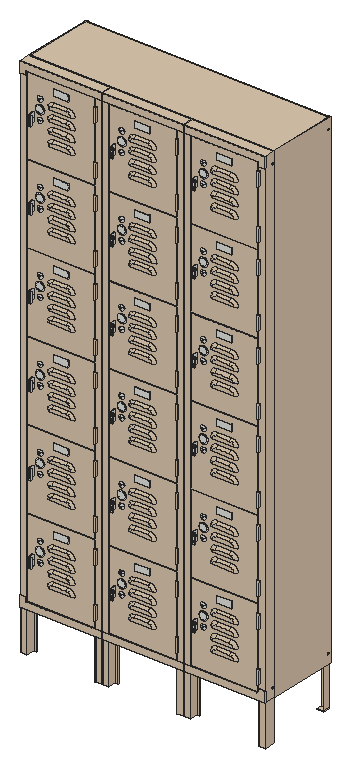
Revit family "Metal_Lockers-Salsbury_Industries-65000_66000_Series-3_Wide_Units", category Specialty Equipment, Revit 2022 (continued)
Definition of nested family "Metal Locker Zee Base - 3 Wide"
  Automatic sketch dimensions
    Extrusion 3 sketch curve to plane 17 "Back Edge of Rear Legs" = 0.060"
    Extrusion 3 sketch curve to plane 19 "Left Edge or Rear Left Leg" = 0.060"
    plane 17 "Back Edge of Rear Legs" to Extrusion 4 sketch curve = 0.000"
    Extrusion 4 sketch curve to plane 19 "Left Edge or Rear Left Leg" = 0.000"
    plane 20 to Extrusion 4 sketch curve = 0.000"
    Extrusion 4 sketch curve to plane 22 "Inside Edge or Left Rear Leg" = 0.000"
    Extrusion 5 sketch curve to plane 9 "Front of Unit" = 0.000"
    Extrusion 5 sketch curve to level = 0.000"
    Extrusion 5 sketch curve to plane 13 "Back Edge of Front Facing" = 0.000"
    plane 5 "Bottom of Unit" to Extrusion 5 sketch curve = 0.000"
    Extrusion 5 sketch curve to plane 13 "Back Edge of Front Facing" = 0.060"
    Extrusion 5 sketch curve to Extrusion 5 sketch curve = 1.588"
    level to Extrusion 5 sketch curve = 0.060"
    plane 5 "Bottom of Unit" to Extrusion 5 sketch curve = 0.060"
Definition of nested family "Metal Locker Zee Base-Right Side"
  Parameters (values of type "77578 Right - 18" D")
    Width including Rivet [instance] = 1.290"
    Visible = yes
    Primary Structure Material = none
    Depth = 16.362"
    Version = "1.0 (11/30/15)"
    Type Comments = "Zee Base Kit for Standard Metal Lockers - No Legs"
    Model = "77578"
    MasterFormat Title = ""
    MasterFormat Number = ""
    Manufacturer = "Salsbury Industries"
    Description = "4\" H x 6' L - for 12\" Deep Lockers (Includes 6 Foot Front Base, 2 End Bases, Corner Splicer and 4 Rear Legs)"
    Width = 4.000"
    Height = 4.000"
    Default Elevation = 0.000"
    Assembly Code = ""
  Types (4): name | Visible | Depth | Type Comments | Model | Description
    77572 Right - 12" D | yes | 10.362" | "Zee Base Kit for Standard Metal Lockers - No Legs" | "77572" | "4\" H x 6' L - for 12\" Deep Lockers (Includes 6 Foot Front Base, 2 End Bases, Corner Splicer and 4 Rear Legs)"
    77575 Right - 15" D | yes | 13.362" | "Zee Base Kit for Standard Metal Lockers - No Legs" | "77575" | "4\" H x 6' L - for 12\" Deep Lockers (Includes 6 Foot Front Base, 2 End Bases, Corner Splicer and 4 Rear Legs)"
    77578 Right - 18" D | yes | 16.362" | "Zee Base Kit for Standard Metal Lockers - No Legs" | "77578" | "4\" H x 6' L - for 12\" Deep Lockers (Includes 6 Foot Front Base, 2 End Bases, Corner Splicer and 4 Rear Legs)"
    None | no | 10.362" | "End Base for Standard Metal Lockers" | "" | ""
  Reference planes (in)
    plane 1 "Center (Front/Back)": y = 0
    plane 2: z = 0
    plane 3 "Center (Left/Right)": x = 3.99
    plane 4 "Floor": z = 0
    plane 5 "Top of Enclosure": z = 4
    plane 6 "Left Edge of Insert": x = 4.77
    plane 7 "Right Side of Unit": x = 5.99
    plane 8 "Left Edge of Enclosure": y = -8.181
    plane 9 "Right Edge of Enclosure": y = 8.181
    plane 10 "Bottom Edge of Enclosure": z = 0.06
    plane 11 "Left Edge of Base": x = 1.99
  Forms (in)
    Extrusion 1, solid, material <- "Primary Structure Material", visible <- "Visible"
      sketch origin (5.99, 0, 0) x (0, 0, -1) y (0, -1, 0)
        loop
          line (-4, 6.93967) -> (-4, -6.931) -> (-3.94, -6.931) -> (-3.94, 6.93967) -> (-4, 6.93967)
      from 0.06 to 1.22
    Extrusion 2, solid, material <- "Primary Structure Material", visible <- "Visible"
      sketch origin (0, 0, 0) x (0, -1, 0) y (1, 0, 0)
        loop
          line (-8.181, 1.99) -> (-8.121, 1.99) -> (-8.121, 5.93) -> (8.121, 5.93) -> (8.121, 1.99) -> (8.181, 1.99) -> (8.181, 5.99) -> (-8.181, 5.99) -> (-8.181, 1.99)
      from 0.06 to 4
  Dimensions and locks (in)
    "Height": plane 5 "Top of Enclosure" to plane 4 "Floor"
    equal spacing: plane 8 "Left Edge of Enclosure", plane 1 "Center (Front/Back)", plane 9 "Right Edge of Enclosure"
    "Depth": plane 8 "Left Edge of Enclosure" to plane 9 "Right Edge of Enclosure"
    "Width": plane 11 "Left Edge of Base" to plane 7 "Right Side of Unit"
    equal spacing: plane 11 "Left Edge of Base", plane 3 "Center (Left/Right)", plane 7 "Right Side of Unit"
    locked: plane 4 "Floor" to plane 10 "Bottom Edge of Enclosure" at 0.06
    aligned and locked: level to plane 2
    aligned and locked: plane 6 "Left Edge of Insert" to Extrusion 1
    aligned and locked: Extrusion 2 to plane 9 "Right Edge of Enclosure"
    aligned and locked: Extrusion 2 to plane 10 "Bottom Edge of Enclosure"
    aligned and locked: plane 11 "Left Edge of Base" to Extrusion 2
  Automatic sketch dimensions
    plane 5 "Top of Enclosure" to Extrusion 1 sketch curve = 0.000"
    Extrusion 1 sketch curve to Extrusion 1 sketch curve = 0.060"
    plane 9 "Right Edge of Enclosure" to Extrusion 1 sketch curve = 1.250"
    Extrusion 1 sketch curve to plane 8 "Left Edge of Enclosure" = 1.24133"
    Extrusion 2 sketch curve to plane 7 "Right Side of Unit" = 0.000"
    plane 9 "Right Edge of Enclosure" to Extrusion 2 sketch curve = 0.000"
    plane 6 "Left Edge of Insert" to Extrusion 2 sketch curve = 2.780"  (x2)
    Extrusion 2 sketch curve to Extrusion 2 sketch curve = 0.060"
    plane 7 "Right Side of Unit" to Extrusion 2 sketch curve = 0.060"
    Extrusion 2 sketch curve to plane 8 "Left Edge of Enclosure" = 0.060"
    Extrusion 2 sketch curve to plane 8 "Left Edge of Enclosure" = 0.000"
Definition of nested family "Metal Locker Zee Base-Left Side"
  Parameters (values of type "77572 Left - 12" D")
    Width including Rivet [instance] = 1.290"
    Visible = yes
    Primary Structure Material = none
    Depth = 10.362"
    Version = "1.0 (11/30/15)"
    Type Comments = "Zee Base Kit for Standard Metal Lockers - No Legs"
    Model = "77572"
    MasterFormat Title = ""
    MasterFormat Number = ""
    Manufacturer = "Salsbury Industries"
    Description = "4\" H x 6' L - for 12\" Deep Lockers (Includes 6 Foot Front Base, 2 End Bases, Corner Splicer and 4 Rear Legs)"
    Width = 4.000"
    Height = 4.000"
    Default Elevation = 0.000"
    Assembly Code = ""
  Types (4): name | Visible | Depth | Type Comments | Model | Description
    77572 Left - 12" D | yes | 10.362" | "Zee Base Kit for Standard Metal Lockers - No Legs" | "77572" | "4\" H x 6' L - for 12\" Deep Lockers (Includes 6 Foot Front Base, 2 End Bases, Corner Splicer and 4 Rear Legs)"
    77575 Left - 15" D | yes | 13.362" | "Zee Base Kit for Standard Metal Lockers - No Legs" | "77575" | "4\" H x 6' L - for 12\" Deep Lockers (Includes 6 Foot Front Base, 2 End Bases, Corner Splicer and 4 Rear Legs)"
    77578 Left- 18" D | yes | 16.362" | "Zee Base Kit for Standard Metal Lockers - No Legs" | "77578" | "4\" H x 6' L - for 12\" Deep Lockers (Includes 6 Foot Front Base, 2 End Bases, Corner Splicer and 4 Rear Legs)"
    None | no | 10.362" | "End Base for Standard Metal Lockers" | "" | ""
  Reference planes (in)
    plane 1 "Center (Front/Back)": y = 0
    plane 2: z = 0
    plane 3 "Center (Left/Right)": x = 3.99
    plane 4 "Floor": z = 0
    plane 5 "Top of Enclosure": z = 4
    plane 6 "Right Side of Unit": x = 5.99
    plane 7 "Left Edge of Enclosure": y = -5.181
    plane 8 "Right Edge of Enclosure": y = 5.181
    plane 9 "Bottom Edge of Enclosure": z = 0.06
    plane 10 "Left Edge of Base": x = 1.99
    plane 11 "Right Edge of Inser": x = 3.21
  Forms (in)
    Extrusion 1, solid, material <- "Primary Structure Material", visible <- "Visible"
      sketch origin (7.98, 0, 0) x (0, -1, 0) y (1, 0, 0)
        loop
          line (-5.181, -1.99) -> (-5.181, -5.99) -> (5.181, -5.99) -> (5.181, -1.99) -> (5.121, -1.99) -> (5.121, -5.93) -> (-5.121, -5.93) -> (-5.121, -1.99) -> (-5.181, -1.99)
      from 0.06 to 4
    Extrusion 2, solid, material <- "Primary Structure Material", visible <- "Visible"
      sketch origin (1.99, 0, 0) x (0, 0, -1) y (0, 1, 0)
        loop
          line (-4, -3.93967) -> (-3.94, -3.93967) -> (-3.94, 3.931) -> (-4, 3.931) -> (-4, -3.93967)
      from 0.06 to 1.22
  Dimensions and locks (in)
    "Height": plane 5 "Top of Enclosure" to plane 4 "Floor"
    equal spacing: plane 7 "Left Edge of Enclosure", plane 1 "Center (Front/Back)", plane 8 "Right Edge of Enclosure"
    "Depth": plane 7 "Left Edge of Enclosure" to plane 8 "Right Edge of Enclosure"
    "Width": plane 10 "Left Edge of Base" to plane 6 "Right Side of Unit"
    equal spacing: plane 10 "Left Edge of Base", plane 3 "Center (Left/Right)", plane 6 "Right Side of Unit"
    locked: plane 4 "Floor" to plane 9 "Bottom Edge of Enclosure" at 0.06
    aligned and locked: level to plane 2
    aligned and locked: plane 10 "Left Edge of Base" to Extrusion 1
  Automatic sketch dimensions
    plane 8 "Right Edge of Enclosure" to Extrusion 1 sketch curve = 0.000"
    Extrusion 1 sketch curve to plane 6 "Right Side of Unit" = 0.000"  (x2)
    plane 7 "Left Edge of Enclosure" to Extrusion 1 sketch curve = 0.000"
    Extrusion 1 sketch curve to plane 10 "Left Edge of Base" = 0.000"
    Extrusion 1 sketch curve to Extrusion 1 sketch curve = 0.060"
    plane 7 "Left Edge of Enclosure" to Extrusion 1 sketch curve = 0.060"
    plane 10 "Left Edge of Base" to Extrusion 1 sketch curve = 0.060"
    plane 5 "Top of Enclosure" to Extrusion 2 sketch curve = 0.000"
    Extrusion 2 sketch curve to Extrusion 2 sketch curve = 0.060"
    Extrusion 2 sketch curve to plane 7 "Left Edge of Enclosure" = 1.24133"
    plane 8 "Right Edge of Enclosure" to Extrusion 2 sketch curve = 1.250"
Definition of nested family "Metal Locker Zee Base Corner"
  Parameters (values of type "77572, 77575, 77578")
    Width = 2.000"
    Visible = yes
    Version = "1.0 (11/30/15)"
    Type Comments = "Zee Base Kit for Standard Metal Lockers - No Legs"
    Primary Structure Material = none
    Model = "n/a"
    Manufacturer = "Salsbury Industries"
    Height = 3.940"
    Description = "4\" H x 6' L - for 12\" Deep Lockers (Includes 6 Foot Front Base, 2 End Bases, Corner Splicer and 4 Rear Legs)"
    Depth = 2.000"
    Default Elevation = 0.000"
  Types (2): name | Visible
    77572, 77575, 77578 | yes
    None | no
  Reference planes (in)
    plane 1 "Center (Front/Back)": y = 0
    plane 2 "Bottom of Component": z = 0
    plane 3 "Center (Left/Right)": x = 0
    plane 4: z = 3.94
    plane 5: x = -1
    plane 6: x = 1
    plane 7 "Front": y = -1
    plane 8 "Back": y = 1
  Forms (in)
    Extrusion 1, solid, material <- "Primary Structure Material", visible <- "Visible"
      sketch origin (0, 0, 0) x (1, 0, 0) y (0, 1, 0)
        loop
          line (-1, 1) -> (-1, 0.94) -> (0.94, 0.94) -> (0.94, -1) -> (1, -1) -> (1, 1) -> (-1, 1)
      from 0 to 3.94
  Dimensions and locks (in)
    "Height": plane 4 to plane 2 "Bottom of Component"
    equal spacing: plane 5, plane 3 "Center (Left/Right)", plane 6
    "Width": plane 5 to plane 6
    equal spacing: plane 7 "Front", plane 1 "Center (Front/Back)", plane 8 "Back"
    "Depth": plane 7 "Front" to plane 8 "Back"
    aligned and locked: plane 2 "Bottom of Component" to level
  Automatic sketch dimensions
    Extrusion 1 sketch curve to plane 5 = 0.000"
    plane 7 "Front" to Extrusion 1 sketch curve = 0.000"
    Extrusion 1 sketch curve to plane 6 = 0.000"
    plane 8 "Back" to Extrusion 1 sketch curve = 0.000"
    plane 6 to Extrusion 1 sketch curve = 0.060"
    Extrusion 1 sketch curve to Extrusion 1 sketch curve = 0.060"
Definition of nested family "Metal Locker End Panel"
  Parameters (values of type "77362 - for 6' H x 12" D Lockers")
    Width = 0.925"
    Visible = yes
    Version = "1.0 (11/30/15)"
    Type Comments = "Finished End Panel for Standard Metal Lockers"
    Primary Structure Material = none
    Model = "77362"
    MasterFormat Title = ""
    MasterFormat Number = ""
    Manufacturer = "Salsbury Industries"
    Height = 72.000"
    Description = "End Panel for 6' H x 12\" Deep Lockers"
    Depth = 12.010"
    Default Elevation = 0.000"
    Assembly Code = ""
  Types (7): name | Visible | Model | Height | Description | Depth
    77362 - for 6' H x 12" D Lockers | yes | "77362" | 72.000" | "End Panel for 6' H x 12\" Deep Lockers" | 12.010"
    77365 - for 6' H x 15" D Lockers | yes | "77365" | 72.000" | "End Panel for 6' H x 15\" Deep Lockers" | 15.010"
    77368 - for 6' H X 18" D Lockers | yes | "77368" | 72.000" | "End Panel for 6' H x 18\" Deep Lockers" | 18.010"
    77352 - for 5' H x 12" D Lockers | yes | "77352" | 60.000" | "End Panel for 5' H x 12\" Deep Lockers" | 12.010"
    77355 - for 5' H x 15" D Lockers | yes | "77355" | 60.000" | "End Panel for 5' H x 15\" Deep Lockers" | 15.010"
    77358 - for 5' H x 18" D Lockers | yes | "77358" | 60.000" | "End Panel for 5' H x 18\" Deep Lockers" | 18.010"
    None | no | "n/a" | 72.000" | "" | 12.010"
  Reference planes (in)
    plane 1 "Center (Front/Back)": y = -2.167
    plane 2: z = 0
    plane 3 "Center (Left/Right)": x = -4.595
    plane 4 "Bottom of Panel": z = 0
    plane 5 "Top of Panel": z = 72
    plane 6 "Front of Panel": y = -8.172
    plane 7 "Right Side of Enclosure": x = -4.1325
    plane 8 "Left Side of Enclosure": x = -5.0575
    plane 9 "Back of Panel": y = 3.838
    plane 10: z = 36
    plane 11: z = 70.283
    plane 12: z = 1.717
    plane 13 "Outside Edge of Front Flap": y = -8.23214
    plane 14 "Outside Edge of Back Flap": y = 3.898
  Forms (in)
    Extrusion 1, solid, material <- "Primary Structure Material", visible <- "Visible"
      sketch origin (-4.1325, 0.48244, 0) x (0, 0, -1) y (0, -1, 0)
        loop
          line (-72, 8.71458) -> (-72, -3.41556) -> (0, -3.41556) -> (0, 8.71458) -> (-72, 8.71458)
      from 0 to -0.06
    Extrusion 2, solid, material <- "Primary Structure Material", visible <- "Visible"
      sketch origin (0, 3.838, 0) x (0, 0, -1) y (1, 0, 0)
        loop
          line (-72, -5.0575) -> (0, -5.0575) -> (0, -4.1325) -> (-72, -4.1325) -> (-72, -5.0575)
      from 0 to -0.06
    Extrusion 3, solid, material <- "Primary Structure Material", visible <- "Visible"
      sketch origin (0, -8.172, 0) x (1, 0, 0) y (0, 0, 1)
        loop
          line (-5.0575, 70.283) -> (-5.0575, 1.717) -> (-4.1325, 1.717) -> (-4.1325, 70.283) -> (-5.0575, 70.283)
      from 0.06014 to 0
  Dimensions and locks (in)
    equal spacing: plane 6 "Front of Panel", plane 1 "Center (Front/Back)", plane 9 "Back of Panel"
    "Depth": plane 6 "Front of Panel" to plane 9 "Back of Panel"
    equal spacing: plane 8 "Left Side of Enclosure", plane 3 "Center (Left/Right)", plane 7 "Right Side of Enclosure"
    "Width": plane 8 "Left Side of Enclosure" to plane 7 "Right Side of Enclosure"
    equal spacing: plane 5 "Top of Panel", plane 10, plane 2
    "Height": plane 5 "Top of Panel" to plane 2
    locked: plane 5 "Top of Panel" to plane 11 at 1.717
    locked: plane 13 "Outside Edge of Front Flap" to plane 6 "Front of Panel" at 0.06014
    locked: plane 9 "Back of Panel" to plane 14 "Outside Edge of Back Flap" at 0.06
    aligned and locked: level to plane 2
    aligned and locked: plane 5 "Top of Panel" to Extrusion 1 sketch curve
    aligned and locked: plane 5 "Top of Panel" to Extrusion 2 sketch curve
    aligned and locked: Extrusion 2 to plane 9 "Back of Panel"
    aligned and locked: plane 11 to Extrusion 3 sketch curve
    aligned and locked: plane 6 "Front of Panel" to Extrusion 3
    aligned and locked: plane 14 "Outside Edge of Back Flap" to Extrusion 2
    aligned and locked: Extrusion 1 to plane 14 "Outside Edge of Back Flap"
    aligned and locked: plane 13 "Outside Edge of Front Flap" to Extrusion 3
    aligned and locked: Extrusion 2 to plane 7 "Right Side of Enclosure"
    aligned and locked: Extrusion 3 to plane 7 "Right Side of Enclosure"
  Automatic sketch dimensions
    Extrusion 1 sketch curve to level = 0.000"
    Extrusion 2 sketch curve to level = 0.000"
    plane 8 "Left Side of Enclosure" to Extrusion 2 sketch curve = 0.000"
    plane 7 "Right Side of Enclosure" to Extrusion 2 sketch curve = 0.000"
    plane 8 "Left Side of Enclosure" to Extrusion 3 sketch curve = 0.000"
    Extrusion 3 sketch curve to plane 12 = 0.000"
    plane 7 "Right Side of Enclosure" to Extrusion 3 sketch curve = 0.000"
    Extrusion 1 sketch curve to plane 14 "Outside Edge of Back Flap" = 0.000"
    plane 6 "Front of Panel" to Extrusion 1 sketch curve = 0.06014"
Definition of nested family "Metal Locker Front Filler"
  Parameters (values of type "77869 - for 6' H Lockers (Zee Base or No Legs)")
    Width = 9.000"
    Visible = yes
    Version = "1.0 (11/30/15)"
    Type Comments = "Vertical Front Filler for Standard Metal Lockers"
    Primary Structure Material = none
    Model = "77865"
    MasterFormat Title = ""
    MasterFormat Number = ""
    Manufacturer = "Salsbury Industries"
    Height = 72.000"
    Description = "9\" W Vertical Front Filler for 6' H Lockers"
    Depth = 1.500"
    Default Elevation = 0.000"
    Assembly Code = ""
  Types (9): name | Width | Visible | Model | Height | Description | Depth
    77865 - for 6' H Lockers with Legs | 15.000" | yes | "77865" | 78.000" | "15\" W Vertical Front Filler for 6' H Lockers" | 1.000"
    77869 - for 6' H Lockers with Legs | 9.000" | yes | "77865" | 78.000" | "9\" W Vertical Front Filler for 6' H Lockers" | 1.000"
    77855 - for 5' H Lockers with Legs | 15.000" | yes | "77855" | 66.000" | "15\" W Vertical Front Filler for 5' H Lockers" | 1.000"
    77859 - for 5' H Lockers with Legs | 9.000" | yes | "77859" | 66.000" | "9\" W Vertical Front Filler for 5' H Lockers" | 1.000"
    None | 15.000" | no | "n/a" | 78.000" | "" | 1.500"
    77865 - for 6' H Lockers (Zee Base or No Legs) | 15.000" | yes | "77865" | 72.000" | "15\" W Vertical Front Filler for 6' H Lockers" | 1.000"
    77869 - for 6' H Lockers (Zee Base or No Legs) | 9.000" | yes | "77865" | 72.000" | "9\" W Vertical Front Filler for 6' H Lockers" | 1.500"
    77859 - for 5' H Lockers (Zee Base or No Legs) | 9.000" | yes | "77859" | 60.000" | "9\" W Vertical Front Filler for 5' H Lockers" | 1.000"
    77855 - for 5' H Lockers (Zee Base or No Legs) | 15.000" | yes | "77855" | 60.000" | "15\" W Vertical Front Filler for 5' H Lockers" | 1.000"
  Reference planes (in)
    plane 1 "Center (Front/Back)": y = -2.167
    plane 2: z = 0
    plane 3 "Center (Left/Right)": x = -4.595
    plane 4 "Bottom of Filler": z = 0
    plane 5 "Top of Panel": z = 72
    plane 6 "Front of Filler": y = -2.917
    plane 7 "Right Side of Filler": x = -0.095
    plane 8 "Left Side of Filler": x = -9.095
    plane 9 "Back of Filler": y = -1.417
    plane 10: z = 36
  Forms (in)
    Extrusion 1, solid, material <- "Primary Structure Material", visible <- "Visible"
      sketch origin (0, 0, 0) x (0, -1, 0) y (1, 0, 0)
        loop
          line (1.417, -9.095) -> (2.917, -9.095) -> (2.917, -1.095) -> (2.869, -1.095) -> (2.869, -9.047) -> (1.417, -9.047) -> (1.417, -9.095)
      from 0 to 72
    Extrusion 2, solid, material <- "Primary Structure Material", visible <- "Visible"
      sketch origin (0, -0.20425, 0) x (0, -1, 0) y (1, 0, 0)
        loop
          line (1.30875, -0.095) -> (1.30875, -0.143) -> (2.76075, -0.143) -> (2.76075, -1.595) -> (2.80875, -1.595) -> (2.80875, -0.095) -> (1.30875, -0.095)
      from 0 to 72
    Extrusion 3, solid, material <- "Primary Structure Material", visible <- "Visible"
      sketch origin (0, 0.10825, 0) x (0, -1, 0) y (1, 0, 0)
        loop
          line (3.07325, -1.595) -> (3.07325, -0.82524) -> (3.02525, -0.82524) -> (3.02525, -1.376) -> (3.02525, -1.449) -> (3.02525, -1.522) -> (3.02525, -1.595) -> (3.07325, -1.595)
      from 0 to 72
    Extrusion 4, solid, material <- "Primary Structure Material", visible <- "Visible"
      sketch origin (0, 0, 0) x (0, -1, 0) y (1, 0, 0)
        loop
          line (2.917, -0.82524) -> (2.821, -0.82524) -> (2.821, -1.80024) -> (2.869, -1.80024) -> (2.869, -0.87324) -> (2.917, -0.87324) -> (2.917, -0.82524)
      from 0 to 72
  Dimensions and locks (in)
    equal spacing: plane 6 "Front of Filler", plane 1 "Center (Front/Back)", plane 9 "Back of Filler"
    "Depth": plane 6 "Front of Filler" to plane 9 "Back of Filler"
    equal spacing: plane 8 "Left Side of Filler", plane 3 "Center (Left/Right)", plane 7 "Right Side of Filler"
    "Width": plane 8 "Left Side of Filler" to plane 7 "Right Side of Filler"
    equal spacing: plane 5 "Top of Panel", plane 10, plane 2
    "Height": plane 5 "Top of Panel" to plane 2
    aligned and locked: level to plane 2
    aligned and locked: Extrusion 1 to plane 5 "Top of Panel"
    aligned and locked: Extrusion 2 to plane 5 "Top of Panel"
    aligned and locked: Extrusion 3 to plane 5 "Top of Panel"
    aligned and locked: Extrusion 4 to plane 5 "Top of Panel"
  Automatic sketch dimensions
    plane 9 "Back of Filler" to Extrusion 1 sketch curve = 0.000"
    plane 6 "Front of Filler" to Extrusion 1 sketch curve = 0.000"
    Extrusion 1 sketch curve to plane 8 "Left Side of Filler" = 0.000"
    Extrusion 1 sketch curve to plane 6 "Front of Filler" = 0.048"
    Extrusion 1 sketch curve to Extrusion 1 sketch curve = 0.048"
    plane 7 "Right Side of Filler" to Extrusion 1 sketch curve = 1.000"
    Extrusion 2 sketch curve to plane 7 "Right Side of Filler" = 0.000"
    plane 7 "Right Side of Filler" to Extrusion 2 sketch curve = 0.048"
    plane 9 "Back of Filler" to Extrusion 2 sketch curve = 0.096"
    plane 6 "Front of Filler" to Extrusion 2 sketch curve = 0.048"
    Extrusion 2 sketch curve to Extrusion 2 sketch curve = 0.048"
    Extrusion 2 sketch curve to Extrusion 2 sketch curve = 1.452"
    plane 6 "Front of Filler" to Extrusion 3 sketch curve = 0.000"
    plane 7 "Right Side of Filler" to Extrusion 3 sketch curve = 1.500"
    Extrusion 3 sketch curve to Extrusion 3 sketch curve = 0.073"  (x3)
    Extrusion 3 sketch curve to Extrusion 3 sketch curve = 0.55076"
    Extrusion 3 sketch curve to Extrusion 3 sketch curve = 0.048"
    plane 6 "Front of Filler" to Extrusion 4 sketch curve = 0.000"
    Extrusion 4 sketch curve to plane 6 "Front of Filler" = 0.048"
    Extrusion 4 sketch curve to Extrusion 4 sketch curve = 0.048"  (x2)
    plane 7 "Right Side of Filler" to Extrusion 4 sketch curve = 1.70524"
    plane 7 "Right Side of Filler" to Extrusion 4 sketch curve = 0.77824"
Definition of nested family "Metal Locker Flat Top Filler"
  Parameters (values of type "77842 - for 12" Deep Lockers (15" W)")
    Width = 16.250"
    Visible = yes
    Version = "1.0 (11/30/15)"
    Type Comments = "Flat Top Filler for Standard Metal Lockers"
    Primary Structure Material = none
    Model = "77842"
    MasterFormat Title = ""
    MasterFormat Number = ""
    Manufacturer = "Salsbury Industries"
    Height = 1.003"
    Description = "15\"W Flat Top In-Line Filler"
    Depth = 12.118"
    Default Elevation = 0.000"
    Assembly Code = ""
  Types (7): name | Width | Visible | Model | Depth
    77842 - for 12" Deep Lockers (15" W) | 16.250" | yes | "77842" | 12.118"
    77842 - for 12" Deep Lockers (9" W) | 10.250" | yes | "77842" | 12.118"
    77845 - for 15" Deep Lockers (15" W) | 16.250" | yes | "77845" | 15.118"
    77845 - for 15" Deep Lockers (9" W) | 10.250" | yes | "77845" | 15.118"
    77848 - for 18" Deep Lockers (15" W) | 16.250" | yes | "77848" | 18.118"
    77848 - for 18" Deep Lockers (9" W) | 10.250" | yes | "77848" | 18.118"
    None | 16.250" | no | "" | 12.118"
  Reference planes (in)
    plane 1 "Center (Front/Back)": y = -2.167
    plane 2: z = 0
    plane 3 "Center (Left/Right)": x = -4.595
    plane 4 "Bottom of Panel": z = 0
    plane 5 "Top of Panel": z = 1.003
    plane 6 "Front of Panel": y = -8.226
    plane 7 "Right Side of Enclosure": x = 3.53
    plane 8 "Left Side of Enclosure": x = -12.72
    plane 9 "Back of Panel": y = 3.892
    plane 10: z = 0.5015
  Forms (in)
    Extrusion 1, solid, material <- "Primary Structure Material", visible <- "Visible"
      sketch origin (-4.595, 0, 0) x (0, 1, 0) y (0, 0, 1)
        loop
          line (-8.226, 0) -> (-8.178, 0) -> (-8.178, 0.955) -> (3.892, 0.955) -> (3.892, 1.003) -> (-8.226, 1.003) -> (-8.226, 0)
      from -8.125 to 8.125
  Dimensions and locks (in)
    equal spacing: plane 6 "Front of Panel", plane 1 "Center (Front/Back)", plane 9 "Back of Panel"
    "Depth": plane 6 "Front of Panel" to plane 9 "Back of Panel"
    equal spacing: plane 8 "Left Side of Enclosure", plane 3 "Center (Left/Right)", plane 7 "Right Side of Enclosure"
    "Width": plane 8 "Left Side of Enclosure" to plane 7 "Right Side of Enclosure"
    equal spacing: plane 5 "Top of Panel", plane 10, plane 2
    "Height": plane 5 "Top of Panel" to plane 2
    aligned and locked: level to plane 2
    aligned and locked: Extrusion 1 to plane 7 "Right Side of Enclosure"
    aligned and locked: plane 8 "Left Side of Enclosure" to Extrusion 1
    aligned and locked: plane 6 "Front of Panel" to Extrusion 1
    aligned and locked: Extrusion 1 to plane 9 "Back of Panel"
  Automatic sketch dimensions
    plane 5 "Top of Panel" to Extrusion 1 sketch curve = 0.000"
    Extrusion 1 sketch curve to plane 6 "Front of Panel" = 0.000"
    Extrusion 1 sketch curve to level = 0.000"
    Extrusion 1 sketch curve to plane 9 "Back of Panel" = 0.000"
    Extrusion 1 sketch curve to plane 6 "Front of Panel" = 0.048"
    plane 5 "Top of Panel" to Extrusion 1 sketch curve = 0.048"
Definition of nested family "Metal Locker Flat Corner Filler"
  Parameters (values of type "77832 - for 12" Deep Lockers")
    Width = 12.625"
    Visible = yes
    Version = "1.0 (11/30/15)"
    Type Comments = "Flat Top Corner Filler for Standard Metal Lockers"
    Primary Structure Material = none
    Model = "77832"
    MasterFormat Title = ""
    MasterFormat Number = ""
    Manufacturer = "Salsbury Industries"
    Height = 0.048"
    Description = "12\"W Flat Top Corner Filler"
    Depth = 12.625"
    Default Elevation = 0.000"
    Assembly Code = ""
  Types (4): name | Width | Visible | Model | Description | Depth
    77832 - for 12" Deep Lockers | 12.625" | yes | "77832" | "12\"W Flat Top Corner Filler" | 12.625"
    77835 - for 15" Deep Lockers | 15.625" | yes | "77835" | "15\"W Flat Top Corner Filler" | 15.625"
    77838 - for 18" Deep Lockers | 18.625" | yes | "77838" | "18\"W Flat Top Corner Filler" | 18.625"
    None | 12.625" | no | "" | "" | 12.625"
  Reference planes (in)
    plane 1 "Center (Front/Back)": y = -2.167
    plane 2: z = 0
    plane 3 "Center (Left/Right)": x = -4.595
    plane 4 "Bottom of Panel": z = 0
    plane 5 "Top of Panel": z = 0.048
    plane 6 "Front of Panel": y = -8.4795
    plane 7 "Right Side of Enclosure": x = 1.7175
    plane 8 "Left Side of Enclosure": x = -10.9075
    plane 9 "Back of Panel": y = 4.1455
    plane 10: z = 0.024
  Forms (in)
    Extrusion 1, solid, material <- "Primary Structure Material", visible <- "Visible"
      sketch origin (0, 0, 0) x (0, -1, 0) y (1, 0, 0)
        loop
          line (7.8545, -10.9075) -> (7.8545, -10.2825) -> (8.4795, -10.2825) -> (8.4795, 1.7175) -> (-4.1455, 1.7175) -> (-4.1455, -10.9075) -> (7.8545, -10.9075)
      from 0 to 0.048
  Dimensions and locks (in)
    equal spacing: plane 6 "Front of Panel", plane 1 "Center (Front/Back)", plane 9 "Back of Panel"
    "Depth": plane 6 "Front of Panel" to plane 9 "Back of Panel"
    equal spacing: plane 8 "Left Side of Enclosure", plane 3 "Center (Left/Right)", plane 7 "Right Side of Enclosure"
    "Width": plane 8 "Left Side of Enclosure" to plane 7 "Right Side of Enclosure"
    equal spacing: plane 5 "Top of Panel", plane 10, plane 2
    "Height": plane 5 "Top of Panel" to plane 2
    aligned and locked: level to plane 2
    aligned and locked: Extrusion 1 to plane 9 "Back of Panel"
    aligned and locked: plane 6 "Front of Panel" to Extrusion 1
    aligned and locked: Extrusion 1 to plane 7 "Right Side of Enclosure"
    aligned and locked: plane 8 "Left Side of Enclosure" to Extrusion 1
  Automatic sketch dimensions
    Extrusion 1 sketch curve to plane 8 "Left Side of Enclosure" = 0.000"
    plane 9 "Back of Panel" to Extrusion 1 sketch curve = 0.000"
    plane 6 "Front of Panel" to Extrusion 1 sketch curve = 0.000"
    Extrusion 1 sketch curve to plane 7 "Right Side of Enclosure" = 0.000"
    Extrusion 1 sketch curve to plane 8 "Left Side of Enclosure" = 0.625"
    Extrusion 1 sketch curve to plane 6 "Front of Panel" = 0.625"
Definition of nested family "Metal Locker Sloping Top Filler"
  Parameters (values of type "77882 - for 12" Deep Lockers (15" W)")
    Width = 16.250"
    Visible = yes
    Version = "1.0 (11/30/15)"
    Type Comments = "Sloping Hood In-Line Filler for Standard Metal Lockers"
    Slope Angle = 28.761°
    Primary Structure Material = none
    Model = "77882"
    MasterFormat Title = ""
    MasterFormat Number = ""
    Manufacturer = "Salsbury Industries"
    Height = 1.003"
    Description = "15\"W Sloping Hood In-Line Filler"
    Depth = 12.118"
    Default Elevation = 0.000"
    Assembly Code = ""
  Types (7): name | Width | Visible | Type Comments | Slope Angle | Model | Description | Depth
    77882 - for 12" Deep Lockers (15" W) | 16.250" | yes | "Sloping Hood In-Line Filler for Standard Metal Lockers" | 28.761° | "77882" | "15\"W Sloping Hood In-Line Filler" | 12.118"
    77882 - for 12" Deep Lockers (9" W) | 10.250" | yes | "Sloping Hood In-Line Filler for Standard Metal Lockers" | 28.761° | "77882" | "15\"W Sloping Hood In-Line Filler" | 12.118"
    77885 - for 15" Deep Lockers (15" W) | 16.250" | yes | "Sloping Hood In-Line Filler for Standard Metal Lockers" | 29.946° | "77885" | "15\"W Sloping Hood In-Line Filler" | 15.118"
    77885 - for 15" Deep Lockers (9" W) | 10.250" | yes | "Sloping Hood In-Line Filler for Standard Metal Lockers" | 29.946° | "77885" | "15\"W Sloping Hood In-Line Filler" | 15.118"
    77888 - for 18" Deep Lockers (15" W) | 16.250" | yes | "Sloping Hood In-Line Filler for Standard Metal Lockers" | 30.723° | "77888" | "15\"W Sloping Hood In-Line Filler" | 18.118"
    77888 - for 18" Deep Lockers (9" W) | 10.250" | yes | "Sloping Hood In-Line Filler for Standard Metal Lockers" | 30.723° | "77888" | "15\"W Sloping Hood In-Line Filler" | 18.118"
    None | 16.250" | no | "Sloping Hood for Standard Metal Lockers" | 28.761° | "" | "" | 12.118"
  Reference planes (in)
    plane 1 "Center (Front/Back)": y = -2.167
    plane 2: z = 0
    plane 3 "Center (Left/Right)": x = -4.595
    plane 4 "Bottom of Panel": z = 0
    plane 5 "Top of Panel": z = 1.003
    plane 6 "Front of Panel": y = -8.226
    plane 7 "Right Side of Enclosure": x = 3.53
    plane 8 "Left Side of Enclosure": x = -12.72
    plane 9 "Back of Panel": y = 3.892
    plane 10: z = 0.5015
    plane 11: through (0, -7.6072, 0.33964) normal (0, -0.4812, 0.8766)
    plane 12: through (0, -7.72698, 0.21914) normal (0, -0.4812, 0.8766)
  Forms (in)
    Extrusion 1, solid, material <- "Primary Structure Material", visible <- "Visible"
      sketch origin (-4.595, 0, 0) x (0, 1, 0) y (0, 0, 1)
        loop
          line (3.892, 6.65119) -> (-8.226, 0) -> (-8.226, -1.028) -> (-8.178, -1.028) -> (-8.178, -0.02841) -> (3.892, 6.59643) -> (3.892, 6.65119)
      from -8.125 to 8.125
  Dimensions and locks (in)
    equal spacing: plane 6 "Front of Panel", plane 1 "Center (Front/Back)", plane 9 "Back of Panel"
    "Depth": plane 6 "Front of Panel" to plane 9 "Back of Panel"
    equal spacing: plane 8 "Left Side of Enclosure", plane 3 "Center (Left/Right)", plane 7 "Right Side of Enclosure"
    "Width": plane 8 "Left Side of Enclosure" to plane 7 "Right Side of Enclosure"
    equal spacing: plane 5 "Top of Panel", plane 10, plane 2
    "Height": plane 5 "Top of Panel" to plane 2
    locked: plane 11 to plane 12 at 0.048
    "Slope Angle": angle plane 4 "Bottom of Panel" to plane 11
    aligned and locked: level to plane 2
    aligned and locked: plane 11 to Extrusion 1 sketch curve
    aligned and locked: plane 12 to Extrusion 1 sketch curve
    aligned and locked: Extrusion 1 to plane 7 "Right Side of Enclosure"
    aligned and locked: plane 8 "Left Side of Enclosure" to Extrusion 1
  Automatic sketch dimensions
    Extrusion 1 sketch curve to plane 6 "Front of Panel" = 0.000"
    Extrusion 1 sketch curve to Extrusion 1 sketch curve = 0.99959"
    Extrusion 1 sketch curve to level = 0.02841"
    Extrusion 1 sketch curve to plane 9 "Back of Panel" = 0.000"
Definition of nested family "Metal Locker Sloping Corner Filler"
  Parameters (values of type "77872 - for 12" Deep Lockers")
    Width = 12.695"
    Visible = yes
    Version = "1.0 (11/30/15)"
    Type Comments = "Sloping Hood Corner Filler for Standard Metal Lockers"
    Slope Angle 2 = 28.761°
    Slope Angle 1 = 28.761°
    Primary Structure Material = none
    Model = "77872"
    MasterFormat Title = ""
    MasterFormat Number = ""
    Manufacturer = "Salsbury Industries"
    Height = 6.87897"
    Description = "12\"D Sloping Hood Corner Filler"
    Depth = 12.695"
    Default Elevation = 0.000"
    Assembly Code = ""
  Types (4): name | Width | Visible | Slope Angle 2 | Slope Angle 1 | Model | Description | Depth
    77872 - for 12" Deep Lockers | 12.695" | yes | 28.761° | 28.761° | "77872" | "12\"D Sloping Hood Corner Filler" | 12.695"
    77875 - for 15" Deep Lockers | 15.695" | yes | 29.946° | 29.946° | "77875" | "15\"D Sloping Hood Corner Filler" | 15.695"
    77878 - for 18" Deep Lockers | 18.695" | yes | 30.723° | 30.723° | "77878" | "18\"D Sloping Hood Corner Filler" | 18.695"
    None | 12.695" | no | 28.723° | 28.723° | "" | "" | 12.695"
  Reference planes (in)
    plane 1 "Center (Front/Back)": y = -2.167
    plane 2: z = 0
    plane 3 "Center (Left/Right)": x = -4.595
    plane 4 "Bottom of Panel": z = 0
    plane 5 "Top of Panel": z = 6.87897
    plane 6 "Front of Panel": y = -8.5145
    plane 7 "Right Side of Enclosure": x = 1.7525
    plane 8 "Left Side of Enclosure": x = -10.9425
    plane 9 "Back of Panel": y = 4.1805
    plane 10 "Center Top/Bottom": z = 3.43948
    plane 11 "Slope 1": through (0, -7.42276, 0.59922) normal (0, -0.4812, 0.8766)
    plane 12: through (0, -7.54254, 0.47872) normal (0, -0.4812, 0.8766)
    plane 13 "Diagonal Plane": through (-10.86131, 4.09969, 48) normal (0.7071, 0.7071, 0)
    plane 14 "Cutout Plane 1": y = -7.8895
    plane 15 "Cutout Plane 2": x = 1.1275
    plane 16 "Slope 2": through (1.43902, -180, 0.17206) normal (-0.4812, 0, -0.8766)
    plane 17: through (5.04554, -180, -1.86199) normal (-0.4812, 0, -0.8766)
  Forms (in)
    Extrusion 1, solid, material <- "Primary Structure Material", visible <- "Visible"
      sketch origin (-4.595, 0, 0) x (0, 1, 0) y (0, 0, 1)
        loop
          line (-7.8895, 0.28829) -> (4.1805, 6.91313) -> (4.1805, 6.96789) -> (-7.8895, 0.34304) -> (-7.8895, 0.28829)
      from -6.3475 to 6.3475
    Extrusion 2, void
      sketch origin (0, 0, 3.43948) x (1, 0, 0) y (0, 1, 0)
        loop
          line (1.75288, -8.5145) -> (-10.9425, 4.18088) -> (-10.9425, -8.5145) -> (1.75288, -8.5145)
      from -3.43948 to 8.2673
    Extrusion 3, solid, material <- "Primary Structure Material", visible <- "Visible"
      sketch origin (0, -2.167, 0) x (1, 0, 0) y (0, 0, 1)
        loop
          line (1.1275, 0.2885) -> (1.1275, 0.34304) -> (-10.9425, 6.96789) -> (-10.9425, 6.91334) -> (1.1275, 0.2885)
      from -6.3475 to 6.3475
    Extrusion 4, void
      sketch origin (-4.595, 0, 0) x (0, 1, 0) y (0, 0, 1)
        loop
          line (4.1805, 0) -> (4.1805, 6.91313) -> (-8.41474, 0) -> (4.1805, 0)
      from -6.3475 to 6.3475
    Extrusion 5, solid, not visible
      sketch origin (1.1275, 0, 0) x (0, -1, 0) y (0, 0, 1)
        loop
          line (8.60982, 0.2885) -> (7.8895, 0.2885) -> (7.8895, 0) -> (8.60982, 0) -> (8.60982, 0.2885)
      from -0.72026 to 0
  Cuts and joins
    Extrusion 2, Extrusion 4 cuts Extrusion 1
    Extrusion 4 cuts Extrusion 3
  Dimensions and locks (in)
    equal spacing: plane 6 "Front of Panel", plane 1 "Center (Front/Back)", plane 9 "Back of Panel"
    "Depth": plane 6 "Front of Panel" to plane 9 "Back of Panel"
    equal spacing: plane 8 "Left Side of Enclosure", plane 3 "Center (Left/Right)", plane 7 "Right Side of Enclosure"
    "Width": plane 8 "Left Side of Enclosure" to plane 7 "Right Side of Enclosure"
    equal spacing: plane 5 "Top of Panel", plane 10 "Center Top/Bottom", plane 2
    "Height": plane 5 "Top of Panel" to plane 2
    locked: plane 11 "Slope 1" to plane 12 at 0.048
    locked: plane 15 "Cutout Plane 2" to plane 7 "Right Side of Enclosure" at 0.625
    locked: plane 6 "Front of Panel" to plane 14 "Cutout Plane 1" at 0.625
    locked: plane 17 to plane 16 "Slope 2" at 0.04782
    "Slope Angle 1": angle plane 4 "Bottom of Panel" to plane 11 "Slope 1"
    "Slope Angle 2": angle plane 16 "Slope 2" to plane 4 "Bottom of Panel"
    aligned and locked: level to plane 2
    aligned and locked: Extrusion 1 sketch curve to plane 14 "Cutout Plane 1"
    aligned and locked: plane 9 "Back of Panel" to Extrusion 1 sketch curve
    aligned and locked: Extrusion 1 sketch curve to plane 11 "Slope 1"
    aligned and locked: plane 12 to Extrusion 1 sketch curve
    aligned and locked: plane 8 "Left Side of Enclosure" to Extrusion 1
    aligned and locked: Extrusion 1 to plane 7 "Right Side of Enclosure"
    aligned and locked: plane 6 "Front of Panel" to Extrusion 2 sketch curve
    aligned and locked: plane 8 "Left Side of Enclosure" to Extrusion 2 sketch curve
    aligned and locked: plane 13 "Diagonal Plane" to Extrusion 2 sketch curve
    aligned and locked: plane 4 "Bottom of Panel" to cut or joined group of Extrusion 1, Extrusion 2, Extrusion 4
    aligned and locked: Extrusion 4 sketch curve to level
    aligned and locked: Extrusion 4 sketch curve to plane 9 "Back of Panel"
    aligned and locked: plane 12 to Extrusion 4 sketch curve
    aligned and locked: Extrusion 4 to plane 7 "Right Side of Enclosure"
    aligned and locked: plane 8 "Left Side of Enclosure" to Extrusion 4
    aligned and locked: cut or joined group of Extrusion 3, Extrusion 4 to plane 15 "Cutout Plane 2"
    aligned and locked: plane 6 "Front of Panel" to cut or joined group of Extrusion 3, Extrusion 4
    aligned and locked: cut or joined group of Extrusion 3, Extrusion 4 to plane 9 "Back of Panel"
    aligned and locked: Extrusion 3 sketch curve to plane 15 "Cutout Plane 2"
    aligned and locked: Extrusion 3 sketch curve to plane 16 "Slope 2"
    aligned and locked: plane 8 "Left Side of Enclosure" to Extrusion 3 sketch curve
    aligned and locked: plane 17 to Extrusion 3 sketch curve
  Automatic sketch dimensions
    Extrusion 5 sketch curve to plane 14 "Cutout Plane 1" = 0.000"
    Extrusion 5 sketch curve to level = 0.000"
    plane 6 "Front of Panel" to Extrusion 5 sketch curve = 0.09532"
    Extrusion 5 sketch curve to Extrusion 5 sketch curve = 0.2885"
Definition of nested family "Metal Locker Sloping Hood"
  Parameters (values of type "77752 - for 12" Deep Lockers (1 Wide)")
    Width = 12.040"
    Visible = yes
    Version = "1.0 (11/30/15)"
    Type Comments = "Sloping Hood for Standard Metal Lockers"
    Slope Angle = 28.761°
    Primary Structure Material = none
    Model = "77752"
    MasterFormat Title = ""
    MasterFormat Number = ""
    Manufacturer = "Salsbury Industries"
    Height = 6.625"
    Dividing Lines = no
    Description = "12\" Deep for up to (3) 12\" Wide Lockers"
    Depth = 12.070"
    Default Elevation = 0.000"
    Assembly Code = ""
  Types (12): name | Width | Visible | Slope Angle | Model | Height | Dividing Lines | Description | Depth
    77752 - for 12" Deep Lockers (1 Wide) | 12.040" | yes | 28.761° | "77752" | 6.625" | no | "12\" Deep for up to (3) 12\" Wide Lockers" | 12.070"
    77752 - for 12" Deep Lockers (3 Wide) | 36.040" | yes | 28.761° | "77752" | 6.625" | yes | "12\" Deep for up to (3) 12\" Wide Lockers" | 12.070"
    77755 - for 15" Deep Lockers (1 Wide) | 12.040" | yes | 29.946° | "77755" | 8.682" | no | "15\" Deep for up to (3) 12\" Wide Lockers" | 15.070"
    77755 - for 15" Deep Lockers (3 Wide) | 36.040" | yes | 29.946° | "77755" | 8.628" | yes | "15\" Deep for up to (3) 12\" Wide Lockers" | 15.070"
    77758 - for 18" Deep Lockers (1 Wide) | 12.040" | yes | 30.723° | "77758" | 10.739" | no | "18\" Deep for up to (3) 12\" Wide Lockers" | 18.070"
    77758 - for 18" Deep Lockers (3 Wide) | 36.040" | yes | 30.723° | "77758" | 10.739" | yes | "18\" Deep for up to (3) 12\" Wide Lockers" | 18.070"
    None | 12.000" | no | 28.761° | "" | 6.625" | no | "" | 12.070"
    77765 - for 15" Deep Lockers (1 Wide) | 15.040" | yes | 29.946° | "77752" | 6.625" | no | "12\" Deep for up to (3) 12\" Wide Lockers" | 15.070"
    77768 - for 18" Deep Lockers (1 Wide) | 15.040" | yes | 30.723° | "77752" | 6.625" | no | "12\" Deep for up to (3) 12\" Wide Lockers" | 18.070"
    77765 - for 15" Deep Lockers (3 Wide) | 45.040" | yes | 29.946° | "77752" | 6.625" | yes | "12\" Deep for up to (3) 12\" Wide Lockers" | 15.070"
    77768 - for 18" Deep Lockers (3 Wide) | 45.040" | yes | 30.723° | "77752" | 6.625" | yes | "12\" Deep for up to (3) 12\" Wide Lockers" | 18.070"
    77759 - for 18" Deep Bridge Lockers | 72.040" | yes | 30.723° | "77752" | 6.625" | no | "12\" Deep for up to (3) 12\" Wide Lockers" | 18.070"
  Reference planes (in)
    plane 1 "Center (Front/Back)": y = -2.167
    plane 2: z = 0
    plane 3 "Center (Left/Right)": x = -4.595
    plane 4 "Bottom of Panel": z = 0
    plane 5 "Top of Panel": z = 6.625
    plane 6 "Front of Panel": y = -8.202
    plane 7 "Right Side of Enclosure": x = 1.425
    plane 8 "Left Side of Enclosure": x = -10.615
    plane 9 "Back of Panel": y = 3.868
    plane 10: z = 3.3125
    plane 11: through (0, -7.81601, 0.21186) normal (0, -0.4812, 0.8766)
    plane 12: through (0, -7.94397, 0.10626) normal (0, -0.4812, 0.8766)
    plane 13: y = 3.837
    plane 14: y = 3.806
    plane 15: y = 3.775
    plane 16: y = 3.37433
    plane 17 "Divider 1": x = -6.60167
    plane 18 "Divider 2": x = -2.58833
  Forms (in)
    Extrusion 1, solid, material <- "Primary Structure Material", visible <- "Visible"
      sketch origin (1.425, 0, 0) x (0, 0, -1) y (0, -1, 0)
        loop
          line (-6.62484, -3.868) -> (0, -3.868) -> (0, 8.202) -> (-6.62484, -3.868)
      from 0 to 0.031
    Extrusion 2, solid, material <- "Primary Structure Material", visible <- "Visible"
      sketch origin (1.425, 0, 0) x (0, 0, -1) y (0, -1, 0)
        loop
          line (0, -3.868) -> (0, -3.837) -> (-6.60783, -3.837) -> (-6.62484, -3.868) -> (0, -3.868)
      from 0.03098 to 0.40598
    Extrusion 3, solid, material <- "Primary Structure Material", visible <- "Visible"
      sketch origin (1.425, 0, 0) x (0, 0, -1) y (0, -1, 0)
        loop
          line (0, -3.837) -> (0, 8.13757) -> (-0.031, 8.08109) -> (-0.031, -3.837) -> (0, -3.837)
      from 0.031 to 0.80198
    Extrusion 4, solid, material <- "Primary Structure Material", visible <- "Visible"
      sketch origin (-10.615, 0, 0) x (0, 0, -1) y (0, -1, 0)
        loop
          line (-6.62484, -3.868) -> (0, -3.868) -> (0, 8.202) -> (-6.62484, -3.868)
      from 0 to -0.031
    Extrusion 5, solid, material <- "Primary Structure Material", visible <- "Visible"
      sketch origin (-10.615, 0, 0) x (0, 0, -1) y (0, -1, 0)
        loop
          line (0, -3.868) -> (0, -3.837) -> (-6.60783, -3.837) -> (-6.62484, -3.868) -> (0, -3.868)
      from -0.031 to -0.406
    Extrusion 6, solid, material <- "Primary Structure Material", visible <- "Visible"
      sketch origin (-10.615, 0, 0) x (0, 0, -1) y (0, -1, 0)
        loop
          line (0, -3.837) -> (0, 8.13757) -> (-0.031, 8.08109) -> (-0.031, -3.837) -> (0, -3.837)
      from -0.031 to -0.802
    Extrusion 7, solid, material <- "Primary Structure Material", visible <- "Visible"
      sketch origin (-4.595, 0, 0) x (0, 1, 0) y (0, 0, 1)
        loop
          line (3.837, 6.60783) -> (-8.202, 0) -> (-7.84238, 0) -> (-7.84238, 0.031) -> (-8.08109, 0.031) -> (3.806, 6.55545) -> (3.806, 6.21809) -> (3.837, 6.21809) -> (3.837, 6.60783)
      from -5.989 to 5.989
    Extrusion 8, solid, material <- "Primary Structure Material", visible <- "Visible"
      sketch origin (-4.595, -0.031, 0) x (0, 1, 0) y (0, 0, 1)
        loop
          line (3.837, 0.031) -> (3.837, 6.55545) -> (3.806, 6.53844) -> (3.806, 0.031) -> (3.837, 0.031)
      from -5.989 to 5.989
    Extrusion 9, solid, material <- "Primary Structure Material", visible <- "Visible"
      sketch origin (0, -0.031, 0) x (0, -1, 0) y (1, 0, 0)
        loop
          line (-3.806, -9.75653) -> (-3.40533, -9.75653) -> (-3.40533, 0.56919) -> (-3.806, 0.56919) -> (-3.806, -9.75653)
      from 0.031 to 0.06464
  Lines and regions (in)
    model lines, visible <- "Dividing Lines"
      curve 1: line (-6.60167, -8.21456, -0.0069) -> (-6.60167, 3.868, 6.62484)
      curve 2: line (-2.58833, -8.21456, -0.0069) -> (-2.58833, 3.868, 6.62484)
  Dimensions and locks (in)
    equal spacing: plane 6 "Front of Panel", plane 1 "Center (Front/Back)", plane 9 "Back of Panel"
    "Depth": plane 6 "Front of Panel" to plane 9 "Back of Panel"
    equal spacing: plane 8 "Left Side of Enclosure", plane 17 "Divider 1", plane 18 "Divider 2", plane 7 "Right Side of Enclosure"
    "Width": plane 8 "Left Side of Enclosure" to plane 7 "Right Side of Enclosure"
    equal spacing: plane 5 "Top of Panel", plane 10, plane 2
    "Height": plane 5 "Top of Panel" to plane 2
    locked: plane 11 to plane 12 at 0.031
    plane 16 to plane 15 to plane 14 to plane 13 to plane 9 "Back of Panel" = 0.40067", 0.031", 0.031", 0.031"
    equal spacing: plane 8 "Left Side of Enclosure", plane 3 "Center (Left/Right)", plane 7 "Right Side of Enclosure"
    "Slope Angle": angle plane 4 "Bottom of Panel" to plane 11
    aligned and locked: level to plane 2
    aligned and locked: Extrusion 1 to plane 9 "Back of Panel"
    aligned and locked: plane 4 "Bottom of Panel" to Extrusion 1
    aligned and locked: Extrusion 7 to Extrusion 1
    aligned and locked: Extrusion 7 to Extrusion 4
    aligned and locked: Extrusion 7 to Extrusion 8  (x2)
    aligned and locked: plane 11 to Extrusion 7 sketch curve
    aligned and locked: plane 12 to Extrusion 7 sketch curve
    aligned and locked: plane 12 to Extrusion 8 sketch curve
    aligned and locked: Extrusion 4 sketch curve to plane 11
    aligned and locked: Extrusion 1 sketch curve to plane 11
    aligned and locked: Extrusion 3 sketch curve to plane 12
    aligned and locked: Extrusion 6 sketch curve to plane 12
    aligned and locked: plane 13 to Extrusion 7
    aligned and locked: plane 14 to Extrusion 8
    aligned and locked: plane 15 to Extrusion 8
    aligned and locked: plane 16 to Extrusion 9
    aligned and locked: plane 13 to Extrusion 7 sketch curve
    aligned and locked: Extrusion 7 sketch curve to plane 14
    aligned and locked: plane 13 to Extrusion 2 sketch curve
    aligned and locked: plane 11 to Extrusion 2 sketch curve
    aligned and locked: plane 13 to Extrusion 5 sketch curve
    aligned and locked: plane 11 to Extrusion 5 sketch curve
    aligned and locked: curve 2 to plane 18 "Divider 2"
    aligned and locked: curve 1 to plane 17 "Divider 1"
  Automatic sketch dimensions
    Extrusion 7 sketch curve to level = 0.000"
    level to Extrusion 7 sketch curve = 0.031"
    Extrusion 7 sketch curve to Extrusion 7 sketch curve = 0.23871"
    Extrusion 7 sketch curve to Extrusion 7 sketch curve = 0.33736"
    Extrusion 1 sketch curve to plane 9 "Back of Panel" = 0.000"
    Extrusion 1 sketch curve to level = 0.000"
    Extrusion 2 sketch curve to plane 9 "Back of Panel" = 0.000"
    Extrusion 2 sketch curve to level = 0.000"
    Extrusion 3 sketch curve to plane 13 = 0.000"
    Extrusion 3 sketch curve to level = 0.000"
    level to Extrusion 3 sketch curve = 0.031"
    Extrusion 4 sketch curve to plane 9 "Back of Panel" = 0.000"
    Extrusion 4 sketch curve to level = 0.000"
    Extrusion 5 sketch curve to plane 9 "Back of Panel" = 0.000"
    Extrusion 5 sketch curve to level = 0.000"
    Extrusion 6 sketch curve to plane 13 = 0.000"
    Extrusion 6 sketch curve to level = 0.000"
    Extrusion 6 sketch curve to Extrusion 6 sketch curve = 0.031"
    Extrusion 8 sketch curve to plane 15 = 0.000"
    Extrusion 8 sketch curve to plane 14 = 0.000"
    level to Extrusion 8 sketch curve = 0.031"
    plane 15 to Extrusion 9 sketch curve = 0.000"
    plane 16 to Extrusion 9 sketch curve = 0.000"
    Extrusion 9 sketch curve to plane 8 "Left Side of Enclosure" = 0.85847"
    plane 7 "Right Side of Enclosure" to Extrusion 9 sketch curve = 0.85581"
    curve 1 to plane 9 "Back of Panel" = 0.000"
    plane 11 to curve 1 = 0.000"
    curve 1 to plane 11 = 0.000"
    curve 1 to level = 0.0069"
    curve 2 to plane 9 "Back of Panel" = 0.000"
    plane 11 to curve 2 = 0.000"
    curve 2 to plane 11 = 0.000"
    curve 2 to level = 0.0069"
Types (18): name | Zee Base | Unit Height including Sloping Hood Only | Unit Height | Type Comments | Total Door(s) Height | Top Row of Doors | Top Compartment Divider | Sloping Hood Height | Compartment Divider Height | Unit Height including Base Only | Overall Unit Height (including Base and Sloping Hood) | OmniClass 23 Title | Model | Individual Door Height | Individual Door Width | Door Location D1 | Description | Depth | Base Height | Standard Leg Base
  66362 - with Standard 6" High Legs | Metal Locker Zee Base - 3 Wide : None | 78.625" | 72.000" | "Standard Metal Lockers - Six Tier" | 69.81949" | yes | yes | 6.625" | 11.157" | 78.000" | 84.625" | "Equipment and Furnishings" | "66362" | 11.532" | 33.90055" | Metal Locker Doors-12 inch with Latch Hasps : Six Tier Door - 6 foot | "3 Wide - 6 Feet High - 12 Inches Deep" | 12.010" | 6.000" | Metal Locker Legs - 3 Wide : 6" High - 36" W x 12" D
  66365 - with Standard 6" High Legs | Metal Locker Zee Base - 3 Wide : None | 80.682" | 72.000" | "Standard Metal Lockers - Six Tier" | 69.81949" | yes | yes | 8.682" | 11.157" | 78.000" | 86.682" | "Equipment and Furnishings" | "66365" | 11.532" | 9.90055" | Metal Locker Doors-12 inch with Latch Hasps : Six Tier Door - 6 foot | "3 Wide - 6 Feet High - 15 Inches Deep" | 15.010" | 6.000" | Metal Locker Legs - 3 Wide : 6" High - 36" W x 15" D
  66368 - with Standard 6" High Legs | Metal Locker Zee Base - 3 Wide : None | 82.739" | 72.000" | "Standard Metal Lockers - Six Tier" | 69.81949" | yes | yes | 10.739" | 11.157" | 78.000" | 88.739" | "Equipment and Furnishings" | "66368" | 11.532" | 9.90055" | Metal Locker Doors-12 inch with Latch Hasps : Six Tier Door - 6 foot | "3 Wide - 6 Feet High - 18 Inches Deep" | 18.010" | 6.000" | Metal Locker Legs - 3 Wide : 6" High - 36"W x 18"D
  66362 - with 77572 Zee Base and 77550 Lockers without Legs | Metal Locker Zee Base - 3 Wide : 77572- 36" W x 12" D | 78.625" | 72.000" | "Standard Metal Lockers - Six Tier" | 69.81949" | yes | yes | 6.625" | 11.157" | 76.000" | 82.625" | "Equipment and Furnishings" | "66362 with 77572 and 77550" | 11.532" | 9.90055" | Metal Locker Doors-12 inch with Latch Hasps : Six Tier Door - 6 foot | "3 Wide - 6 Feet High - 12 Inches Deep with Zee Base and Lockers without Legs" | 12.010" | 4.000" | Metal Locker Legs - 3 Wide : No Legs
  66365 - with 77575 Zee Base and 77550 Lockers without Legs | Metal Locker Zee Base - 3 Wide : 77575 - 36" W x 15" D | 80.682" | 72.000" | "Standard Metal Lockers - Six Tier" | 69.81949" | yes | yes | 8.682" | 11.157" | 76.000" | 84.682" | "Equipment and Furnishings" | "66365 with 77575 and 77550" | 11.532" | 9.90055" | Metal Locker Doors-12 inch with Latch Hasps : Six Tier Door - 6 foot | "3 Wide - 6 Feet High - 15 Inches Deep with Zee Base and Lockers without Legs" | 15.010" | 4.000" | Metal Locker Zee Base - 3 Wide : None
  66368 - with 77578 Zee Base and 77550 Lockers without Legs | Metal Locker Zee Base - 3 Wide : 77578 - 36"W x 18"D | 82.739" | 72.000" | "Standard Metal Lockers - Six Tier" | 69.81949" | yes | yes | 10.739" | 11.157" | 76.000" | 86.739" | "Equipment aqnd Furnishings" | "66368 with 77578 and 77550" | 11.532" | 9.90055" | Metal Locker Doors-12 inch with Latch Hasps : Six Tier Door - 6 foot | "3 Wide - 6 Feet High - 18 Inches Deep with Zee Base and Lockers without Legs" | 18.010" | 4.000" | Metal Locker Zee Base - 3 Wide : None
  66362 - with 77550 Lockers without Legs | Metal Locker Zee Base - 3 Wide : None | 78.625" | 72.000" | "Standard Metal Lockers - Six Tier" | 69.81949" | yes | yes | 6.625" | 11.157" | 72.000" | 78.625" | "Equipment and Furnishings" | "66362 with 77550" | 11.532" | 9.90055" | Metal Locker Doors-12 inch with Latch Hasps : Six Tier Door - 6 foot | "3 Wide - 6 Feet High - 12 Inches Deep with Lockers without Legs" | 12.010" | 0.000" | Metal Locker Legs - 3 Wide : No Legs
  66365 - with 77550 Lockers without Legs | Metal Locker Zee Base - 3 Wide : None | 80.682" | 72.000" | "Standard Metal Lockers - Six Tier" | 69.81949" | yes | yes | 8.682" | 11.157" | 72.000" | 80.682" | "Equipment and Furnishings" | "66365 with 77550" | 11.532" | 9.90055" | Metal Locker Doors-12 inch with Latch Hasps : Six Tier Door - 6 foot | "3 Wide - 6 Feet High - 15 Inches Deep with Lockers without Legs" | 15.010" | 0.000" | Metal Locker Legs - 3 Wide : No Legs
  66368 - with 77550 Lockers without Legs | Metal Locker Zee Base - 3 Wide : None | 82.739" | 72.000" | "Standard Metal Lockers - Six Tier" | 69.81949" | yes | yes | 10.739" | 11.157" | 72.000" | 82.739" | "Equipment and Furnishings" | "66368 with 77550" | 11.532" | 9.90055" | Metal Locker Doors-12 inch with Latch Hasps : Six Tier Door - 6 foot | "3 Wide - 6 Feet High - 18 Inches Deep with Lockers without Legs" | 18.010" | 0.000" | Metal Locker Legs - 3 Wide : No Legs
  65352 - with Standard 6" High Legs | Metal Locker Zee Base - 3 Wide : None | 66.625" | 60.000" | "Standard Metal Lockers - Five Tier" | 57.81949" | no | no | 6.625" | 11.088" | 66.000" | 72.625" | "Equipment and Furnishings" | "65352" | 11.463" | 9.90055" | Metal Locker Doors-12 inch with Latch Hasps : Five Tier Door - 5 foot | "3 Wide - 5 Feet High - 12 Inches Deep" | 12.010" | 6.000" | Metal Locker Legs - 3 Wide : 6" High - 36" W x 12" D
  65352 - with 77572 Zee Base and 77550 Lockers without Legs | Metal Locker Zee Base - 3 Wide : 77572- 36" W x 12" D | 66.625" | 60.000" | "Standard Metal Lockers - Five Tier" | 57.81949" | no | no | 6.625" | 11.088" | 64.000" | 70.625" | "Equipment and Furnishings" | "65352 with 77572 and 77550" | 11.463" | 9.90055" | Metal Locker Doors-12 inch with Latch Hasps : Five Tier Door - 5 foot | "3 Wide - 5 Feet High - 12 Inches Deep with Zee Base and Lockers without Legs" | 12.010" | 4.000" | Metal Locker Legs - 3 Wide : No Legs
  65352 - with 77550 Lockers without Legs | Metal Locker Zee Base - 3 Wide : None | 66.625" | 60.000" | "Standard Metal Lockers - Five Tier" | 57.81949" | no | no | 6.625" | 11.088" | 60.000" | 66.625" | "Equipment and Furnishings" | "65352 with 77550" | 11.463" | 9.90055" | Metal Locker Doors-12 inch with Latch Hasps : Five Tier Door - 5 foot | "3 Wide - 5 Feet High - 12 Inches Deep with Lockers without Legs" | 12.010" | 0.000" | Metal Locker Legs - 3 Wide : No Legs
  65355 - with Standard 6" High Legs | Metal Locker Zee Base - 3 Wide : None | 68.682" | 60.000" | "Standard Metal Lockers - Five Tier" | 57.81949" | no | no | 8.682" | 11.088" | 66.000" | 74.682" | "Equipment and Furnishings" | "65355" | 11.463" | 9.90055" | Metal Locker Doors-12 inch with Latch Hasps : Five Tier Door - 5 foot | "3 Wide - 5 Feet High - 15 Inches Deep" | 15.010" | 6.000" | Metal Locker Legs - 3 Wide : 6" High - 36" W x 15" D
  65355 - with 77575 Zee Base and 77550 Lockers without Legs | Metal Locker Zee Base - 3 Wide : 77575 - 36" W x 15" D | 68.682" | 60.000" | "Standard Metal Lockers - Five Tier" | 57.81949" | no | no | 8.682" | 11.088" | 64.000" | 72.682" | "Equipment and Furnishings" | "65355 with 77575 and 77550" | 11.463" | 9.90055" | Metal Locker Doors-12 inch with Latch Hasps : Five Tier Door - 5 foot | "3 Wide - 5 Feet High - 15 Inches Deep with Zee Base and Lockers without Legs" | 15.010" | 4.000" | Metal Locker Zee Base - 3 Wide : None
  65355 - with 77550 Lockers without Legs | Metal Locker Zee Base - 3 Wide : None | 68.682" | 60.000" | "Standard Metal Lockers - Five Tier" | 57.81949" | no | no | 8.682" | 11.088" | 60.000" | 68.682" | "Equipment and Furnishings" | "65365 with 77550" | 11.463" | 9.90055" | Metal Locker Doors-12 inch with Latch Hasps : Five Tier Door - 5 foot | "3 Wide - 5 Feet High - 15 Inches Deep with Lockers without Legs" | 15.010" | 0.000" | Metal Locker Legs - 3 Wide : No Legs
  65358 - with Standard 6" High Legs | Metal Locker Zee Base - 3 Wide : None | 70.739" | 60.000" | "Standard Metal Lockers - Five Tier" | 57.81949" | no | no | 10.739" | 11.088" | 66.000" | 76.739" | "Equipment and Furnishings" | "65358" | 11.463" | 9.90055" | Metal Locker Doors-12 inch with Latch Hasps : Five Tier Door - 5 foot | "3 Wide - 5 Feet High - 18 Inches Deep" | 18.010" | 6.000" | Metal Locker Legs - 3 Wide : 6" High - 36"W x 18"D
  65358 - with 77578 Zee Base and 77550 Lockers without Legs | Metal Locker Zee Base - 3 Wide : 77578 - 36"W x 18"D | 70.739" | 60.000" | "Standard Metal Lockers - Five Tier" | 57.81949" | no | no | 10.739" | 11.088" | 64.000" | 74.739" | "Equipment and Furnishings" | "65358 with 77578 and 77550" | 11.463" | 9.90055" | Metal Locker Doors-12 inch with Latch Hasps : Five Tier Door - 5 foot | "3 Wide - 5 Feet High - 18 Inches Deep with Zee Base and Lockers without Legs" | 18.010" | 4.000" | Metal Locker Zee Base - 3 Wide : None
  65358 - with 77550 Lockers without Legs | Metal Locker Zee Base - 3 Wide : None | 70.739" | 60.000" | "Standard Metal Lockers - Five Tier" | 57.81949" | no | no | 10.739" | 11.088" | 60.000" | 70.739" | "Equipment and Furnishings" | "65358 with 77550" | 11.463" | 9.90055" | Metal Locker Doors-12 inch with Latch Hasps : Five Tier Door - 5 foot | "3 Wide - 5 Feet High - 18 Inches Deep with Lockers without Legs" | 18.010" | 0.000" | Metal Locker Legs - 3 Wide : No Legs
